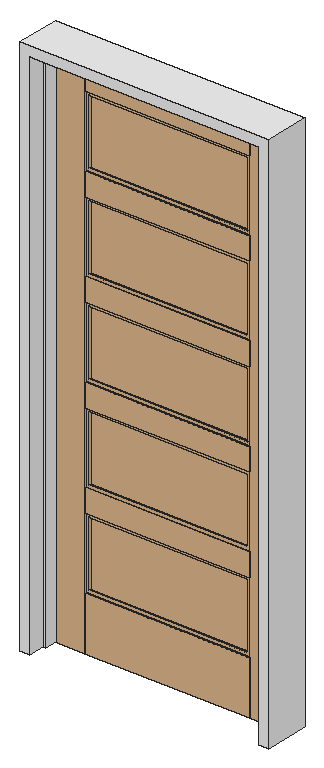
Revit family
Parameters (values of type "1 3/4" Flat Panel")
  URL = "http://www.karonadoor.com"
  Thickness Note = "Do not edit thickness."  # constant formula
  Thickness = 1.774"
  Swing Angle 2D = 90.00°
  SmartBIM Object Version = 1  # constant formula
  SmartBIM Object Created By = "Reed Construction Data"  # constant formula
  Rough Width = 0.000"
  Rough Height = 1.750"
  Panel = Panel_K3050_Karona : 1 3/4" - Flat Panel
  Model = "K3050 Mission"  # constant formula
  Manufacturer = "Karona , Inc."  # constant formula
  Detail Door Thickness = 1.750"
  Assembly Code = ""
  Top Rail Height = 5.000"
  Top Rail = Wood, Cherry - Grain Horizontal
  Stile Width = 5.063"
  Stile = Wood, Cherry - Grain Vertical
  Sticking = Wood, Cherry - Grain Vertical
  Middle Rail = Wood, Cherry - Grain Horizontal
  Height = 84.000"
  Wall Closure = (empty or 0)
  Width = 36.000"
  Frame = Metal
  Bottom Rail Height = 8.500"
  Bottom Rail = Wood, Cherry - Grain Horizontal
  95 CSI = "08210"  # constant formula
  04 CSI = "08 14 33"  # constant formula
Types (9): name | Thickness | Rough Height | Panel | Detail Door Thickness
  1 3/4" Flat Panel | 1.774" | 1.750" | Panel_K3050_Karona : 1 3/4" - Flat Panel | 1.750"
  1 3/8" Flat Panel | 1.334" | 0.000" | Panel_K3050_Karona : 1 3/8" - Flat Panel | 1.375"
  2 1/4" Flat Panel | 2.250" | 0.000" | Panel_K3050_Karona : 2 1/4" - Flat Panel | 2.250"
  1 3/4" Glass Panel | 1.774" | 1.750" | Panel_K3050_Karona : 1 3/4" - Glass Panel | 1.750"
  1 3/8" Glass Panel | 1.334" | 0.000" | Panel_K3050_Karona : 1 3/8" - Glass Panel | 1.375"
  2 1/4" Glass Panel | 2.250" | 0.000" | Panel_K3050_Karona : 2 1/4" - Glass | 2.250"
  1 3/4" Raised Panel | 1.774" | 1.750" | Panel_K3050_Karona : 1 3/4" - Raised Panel | 1.750"
  1 3/8" Raised Panel | 1.334" | 0.000" | Panel_K3050_Karona : 1 3/8" - Raised Panel | 1.375"
  2 1/4" Raised Panel | 2.250" | 0.000" | Panel_K3050_Karona : 2 1/4" - Raised Panel | 2.250"
Reference planes (in)
  plane 1 "Center (Front/Back)": y = 0
  plane 2 "Center (Left/Right)": x = 0
  plane 3 "Left": x = -18
  plane 4 "Right": x = 18
  plane 5 "Top": z = 84
  plane 6 "Exterior Edge of Frame": y = 3.5
  plane 7 "Interior Edge of Frame": y = -3.5
  plane 8: y = 1
  plane 9: y = -1
  plane 10 "Opening Left": x = -19.5
  plane 11 "Opening Right": x = 19.5
  plane 12 "Top of Opening": z = 85.5
  plane 13: x = -17.5
Forms (in)
  Sweep 1, solid, material "Metal" <- "Frame"
    path origin (0, 0, 0) x (1, 0, 0) y (0, 0, 1)
      loop
        line (-19.5, 0) -> (-19.5, 85.5) -> (19.5, 85.5) -> (19.5, 0)
    profile origin (-19.5, 0, 42.75) x (-1, 0, 0) y (0, -1, 0)
      loop
        line (0, -3.5) -> (0, 3.5) -> (-1.5, 3.5) -> (-1.5, 1) -> (-2, 1) -> (-2, -1) -> (-1.5, -1) -> (-1.5, -3.5) -> (0, -3.5)
Lines and regions (in)
  Opening 1
    outline origin (-90, -3, 0) x (1, 0, 0) y (0, 0, 1)
      loop
        line (70.5, 0) -> (109.5, 0) -> (109.5, 85.5) -> (70.5, 85.5) -> (70.5, 0)
  symbolic lines, style "Elevation Swing"
    curve 1: line (18, 3, 0) -> (-18, 3, 42)
    curve 2: line (-18, 3, 42) -> (18, 3, 84)
Text (in)
  text "Exterior" at (-46.13199, 20.20143, 0), in view "Ref. Level"
  text "Interior" at (-46.13199, -10.56751, 0), in view "Ref. Level"
  text "Exterior" at (0, 40.15149, 123.01588), in view "Right"
  text "Interior" at (0, -64.39139, 123.01588), in view "Right"
  text "Interior" at (0, -31.01599, 123.00693), in view "Left"
  text "Exterior" at (0, 54.57065, 123.00693), in view "Left"
Dimensions and locks (in)
  "Height": level to plane 5 "Top"
  "Width": plane 3 "Left" to plane 4 "Right"
  equal spacing: host wall, curve 2, plane 5 "Top"
  locked: host wall to plane 7 "Interior Edge of Frame" at 0.5
  locked: plane 6 "Exterior Edge of Frame" to host wall at 0.5
  locked: plane 9 to plane 7 "Interior Edge of Frame" at 2.5
  locked: plane 6 "Exterior Edge of Frame" to plane 8 at 2.5
  equal spacing: plane 3 "Left", plane 2 "Center (Left/Right)", plane 4 "Right"
  locked: plane 4 "Right" to plane 11 "Opening Right" at 1.5
  locked: plane 5 "Top" to plane 12 "Top of Opening" at 1.5
  locked: plane 3 "Left" to plane 13 at 0.5
  locked: plane 10 "Opening Left" to plane 3 "Left" at 1.5
  aligned and locked: Opening 1 sketch curve to level
  aligned and locked: plane 4 "Right" to curve 1
  aligned and locked: plane 3 "Left" to curve 1
  aligned and locked: plane 5 "Top" to curve 2
  aligned and locked: Opening 1 sketch curve to plane 11 "Opening Right"
  aligned and locked: plane 12 "Top of Opening" to Opening 1 sketch curve
  aligned and locked: Opening 1 sketch curve to plane 10 "Opening Left"
  aligned and locked: plane 10 "Opening Left" to Sweep 1 sketch curve
  aligned and locked: plane 12 "Top of Opening" to Sweep 1 sketch curve
  aligned and locked: plane 11 "Opening Right" to Sweep 1 sketch curve
  aligned and locked: level to Sweep 1 sketch curve  (x2)
  aligned and locked: Sweep 1 sketch curve to plane 10 "Opening Left"
  aligned and locked: Sweep 1 sketch curve to plane 6 "Exterior Edge of Frame"
  aligned and locked: Sweep 1 sketch curve to plane 7 "Interior Edge of Frame"
  aligned and locked: Sweep 1 sketch curve to plane 8
  aligned and locked: Sweep 1 sketch curve to plane 9
  aligned and locked: plane 13 to Sweep 1 sketch curve
  aligned and locked: plane 3 "Left" to Sweep 1 sketch curve  (x2)
  aligned and locked: nested 1 to plane 2 "Center (Left/Right)"
  aligned and locked: nested 1 to plane 8
  aligned and locked: nested 2 to plane 3 "Left"
  aligned and locked: nested 2 to plane 8
Automatic sketch dimensions
  curve 1 to level = 0.000"
  curve 2 to plane 4 "Right" = 0.000"
Nested families (in)
  nested 1: "Panel_K3050_Karona" at (-13.5, 0.6591, 0) x (-1, 0, 0) z (0, 0, 1), type <- "Panel", type "1 3/4" - Flat Panel"
    with Stile Width 5.063", Panel Width 25.874", Half Panel Width 12.937"
  nested 2: "Door Panel Plan View" at (-31.5, 1, 0) x (-1, 0, 0) z (0, 0, 1), type "Door Panel Plan View"
    with Thickness 1.750", Height 84.000"
Definition of nested family "Panel_K3050_Karona"
  Parameters (values of type "1 3/4" - Raised Panel")
    Width = 36.000"
    Top Rail Material = Wood, Cherry - Grain Horizontal
    Top Rail Height = 5.000"
    Top Panel Offset = Top Rail Height + Half Panel Height  # 10.600"
    Thickness Note = "Do not change door thickness"  # constant formula
    Thickness = 1.774"
    Stile Width = 5.250"
    Stile Material = Wood, Cherry - Grain Vertical
    Sticking Material = Wood, Cherry - Grain Vertical
    Panel Width = (Width - (2 * Stile Width))  # 25.500"
    Panel Height = (Height - (Bottom Rail Height + Top Rail Height) - (4 * Mullion Width)) / 5  # 11.200"
    Panel = Glass-Sticking-Assembly-Mission_Karona : Raised Panel
    Mullion Width = 3.625"  # constant formula
    Interior Panel = Wood, Cherry - Grain Vertical
    Height = 84.000"
    Half Panel Width = 0.5 * Panel Width  # 12.750"
    Half Panel Height = 0.5 * Panel Height  # 5.600"
    Exterior Edge - Glass Bottom Offset = if(Thickness = 1.774", 0.567", if(Thickness = 2.250", 0.803", 0.469"))  # 0.567"
    Door Panel Material = Wood, Cherry - Grain Vertical
    Default Elevation = 0.000"  # constant formula
    Cross Rail and Panel Spacing Start = Half Panel Height + 0.5 * (3.625")  # 7.4125"
    Cross Rail Panel Height = Panel Height + 3.625"  # 14.825"
    Bottom Rail Material = Wood, Cherry - Grain Horizontal
    Bottom Rail Height = 8.500"
    Assembly Code = ""
  Types (9): name | Thickness | Panel | Interior Panel | Exterior Edge - Glass Bottom Offset
    2 1/4" - Flat Panel | 2.250" | Glass-Sticking-Assembly-Mission_Karona : Flat Panel | Wood, Cherry - Grain Vertical | 0.803"
    2 1/4" - Glass | 2.250" | Glass-Sticking-Assembly-Mission_Karona : Glass Panel | Glass | 0.803"
    2 1/4" - Raised Panel | 2.250" | Glass-Sticking-Assembly-Mission_Karona : Raised Panel | Wood, Cherry - Grain Vertical | 0.803"
    1 3/4" - Raised Panel | 1.774" | Glass-Sticking-Assembly-Mission_Karona : Raised Panel | Wood, Cherry - Grain Vertical | 0.567"
    1 3/4" - Flat Panel | 1.774" | Glass-Sticking-Assembly-Mission_Karona : Flat Panel | Wood, Cherry - Grain Vertical | 0.567"
    1 3/4" - Glass Panel | 1.774" | Glass-Sticking-Assembly-Mission_Karona : Glass Panel | Glass | 0.567"
    1 3/8" - Raised Panel | 1.334" | Glass-Sticking-Assembly-Mission_Karona : Raised Panel | Wood, Cherry - Grain Vertical | 0.469"
    1 3/8" - Glass Panel | 1.334" | Glass-Sticking-Assembly-Mission_Karona : Glass Panel | Glass | 0.469"
    1 3/8" - Flat Panel | 1.334" | Glass-Sticking-Assembly-Mission_Karona : Flat Panel | Wood, Cherry - Grain Horizontal | 0.469"
  Reference planes (in)
    plane 1 "Center (Front/Back)": y = 1.2279
    plane 2: z = -0.025
    plane 3 "Center (Left/Right)": x = -13.5
    plane 4 "Left": x = -31.5
    plane 5: x = 4.5
    plane 6 "Inner Left": x = -26.25
    plane 7 "Inner Right": x = -0.75
    plane 8: z = 8.475
    plane 9 "Bottom Of Top Rail": z = 78.975
    plane 10 "Top": z = 83.975
    plane 11 "Interior Edge of Door": y = 2.1149
    plane 12: z = 78.975
    plane 13 "Exterior Edge of Door": y = 0.3409
    plane 14 "Bottom of Glass": y = 0.9095
    plane 15 "Left Panel Vertical Midline": x = -13.5
    plane 16 "Right Panel Vertical Midline": x = -13.5
    plane 17 "Center of Left Vertical Mullion": x = -13.5
    plane 18 "Center of Right Vertical Mullion": x = -13.5
    plane 19 "Horizontal Midline Panel 2": z = 64.15
    plane 20 "Horizontal Midline Panel 3": z = 38.125
    plane 21 "Horizontal Midline Panel 4": z = 34.5
    plane 22 "Horizontal Midline Panel 5": z = 21.4875
    plane 23 "Cross Rail 3": z = 49.325
    plane 24 "Cross Rail 4": z = 23.3
    plane 25 "Cross Rail Bottom": z = 19.675
    plane 26 "Horizontal Midline Panel 6": z = 14.075
    plane 27: z = 73.375
    plane 28 "Cross Rail 2": z = 64.15
    plane 29 "Cross Rail Top": z = 67.775
    plane 30: z = 52.95
    plane 31: z = 28.9
    plane 32: z = 65.9625
    plane 33: z = 51.1375
    plane 34: z = 36.3125
    plane 35: z = 58.55
    plane 36: z = 43.725
  Forms (in)
    Extrusion 1, solid, material "Wood, Cherry - Grain Horizontal" <- "Bottom Rail Material"
      sketch origin (0, -101.3125, 0) x (1, 0, 0) y (0, 0, 1)
        loop
          line (-26.25, -0.025) -> (-0.75, -0.025) -> (-0.75, 8.475) -> (-26.25, 8.475) -> (-26.25, -0.025)
      from -101.6534 to -103.4274
    Extrusion 2, solid, material "Wood, Cherry - Grain Vertical" <- "Stile Material"
      sketch origin (0, 1.2279, 0) x (1, 0, 0) y (0, 0, 1)
        loop
          line (-31.5, 83.975) -> (-31.5, -0.025) -> (-26.25, -0.025) -> (-26.25, 83.975) -> (-31.5, 83.975)
        loop
          line (-0.75, -0.025) -> (4.5, -0.025) -> (4.5, 83.975) -> (-0.75, 83.975) -> (-0.75, -0.025)
      from 0.887 to -0.887
    Extrusion 3, solid, material "Wood, Cherry - Grain Horizontal" <- "Top Rail Material"
      sketch origin (0, 1.2279, 0) x (1, 0, 0) y (0, 0, 1)
        loop
          line (-26.25, 83.975) -> (-26.25, 78.975) -> (-0.75, 78.975) -> (-0.75, 83.975) -> (-26.25, 83.975)
      from 0.887 to -0.887
    Extrusion 4, solid, material "Wood, Cherry - Grain Horizontal" <- "Top Rail Material"
      sketch origin (-1.188, 1.9165, 78.537) x (0, 0, -1) y (0, -1, 0)
        loop
          line (10.762, -0.1984) -> (14.387, -0.1984) -> (14.387, 1.5756) -> (10.762, 1.5756) -> (10.762, -0.1984)
        loop
          line (58.862, 1.5756) -> (55.237, 1.5756) -> (55.237, -0.1984) -> (58.862, -0.1984) -> (58.862, 1.5756)
        loop
          line (40.412, -0.1984) -> (44.037, -0.1984) -> (44.037, 1.5756) -> (40.412, 1.5756) -> (40.412, -0.1984)
        loop
          line (25.587, -0.1984) -> (29.212, -0.1984) -> (29.212, 1.5756) -> (25.587, 1.5756) -> (25.587, -0.1984)
      from -0.438 to 25.062
  Text (in)
    text "EXTERIOR" at (-34.59289, -1.27941, 0), in view "Ref. Level"
    text "EXTERIOR" at (0, -9.65287, 72.76687), in view "Left"
    text "EXTERIOR" at (0, -33.33473, 96.68074), in view "Right"
  Dimensions and locks (in)
    equal spacing: plane 4 "Left", plane 3 "Center (Left/Right)", plane 5
    "Width": plane 4 "Left" to plane 5
    "Stile Width": plane 4 "Left" to plane 6 "Inner Left"
    "Stile Width": plane 5 to plane 7 "Inner Right"
    "Bottom Rail Height": plane 8 to plane 2
    "Top Rail Height": plane 10 "Top" to plane 9 "Bottom Of Top Rail"
    "Height": plane 10 "Top" to plane 2
    equal spacing: plane 11 "Interior Edge of Door", plane 1 "Center (Front/Back)", plane 13 "Exterior Edge of Door"
    "Thickness": plane 11 "Interior Edge of Door" to plane 13 "Exterior Edge of Door"
    plane 14 "Bottom of Glass" to plane 13 "Exterior Edge of Door" = 0.5686"
    plane 13 "Exterior Edge of Door" to plane 14 "Bottom of Glass" = 0.5686"
    "Half Panel Width": plane 15 "Left Panel Vertical Midline" to plane 6 "Inner Left"
    "Half Panel Width": plane 7 "Inner Right" to plane 16 "Right Panel Vertical Midline"
    equal spacing: plane 3 "Center (Left/Right)", plane 17 "Center of Left Vertical Mullion", plane 15 "Left Panel Vertical Midline"
    equal spacing: plane 16 "Right Panel Vertical Midline", plane 18 "Center of Right Vertical Mullion", plane 3 "Center (Left/Right)"
    "Half Panel Height": plane 26 "Horizontal Midline Panel 6" to plane 8
    "Half Panel Height": plane 31 to plane 24 "Cross Rail 4"
    "Half Panel Height": plane 27 to plane 29 "Cross Rail Top"
    "Thickness": Extrusion 4 sketch curve to Extrusion 4 sketch curve  (x4)
    "Mullion Width": Extrusion 4 sketch curve to Extrusion 4 sketch curve  (x4)
    "Panel Width": Extrusion 4 to Extrusion 4
    "Half Panel Height": plane 36 to plane 20 "Horizontal Midline Panel 3"
    "Half Panel Height": plane 35 to plane 30
    equal spacing: plane 27, plane 35, plane 36, plane 31, plane 26 "Horizontal Midline Panel 6"
    "Mullion Width": plane 24 "Cross Rail 4" to plane 25 "Cross Rail Bottom"
    "Mullion Width": plane 29 "Cross Rail Top" to plane 28 "Cross Rail 2"
    "Bottom Rail Height": Extrusion 1 sketch curve to Extrusion 1 sketch curve
    equal spacing: plane 32, plane 33, plane 34, plane 22 "Horizontal Midline Panel 5"
    equal spacing: plane 24 "Cross Rail 4", plane 22 "Horizontal Midline Panel 5", plane 25 "Cross Rail Bottom"
    equal spacing: plane 29 "Cross Rail Top", plane 32, plane 28 "Cross Rail 2"
    equal spacing: plane 12, plane 27, plane 29 "Cross Rail Top"
    equal spacing: plane 19 "Horizontal Midline Panel 2", plane 35, plane 30
    equal spacing: plane 21 "Horizontal Midline Panel 4", plane 31, plane 24 "Cross Rail 4"
    equal spacing: plane 23 "Cross Rail 3", plane 36, plane 20 "Horizontal Midline Panel 3"
    aligned and locked: Extrusion 1 to plane 2
    aligned and locked: plane 4 "Left" to Extrusion 2 sketch curve
    aligned and locked: Extrusion 2 sketch curve to plane 10 "Top"
    aligned and locked: Extrusion 2 sketch curve to Extrusion 1  (x3)
    aligned and locked: Extrusion 1 to Extrusion 2 sketch curve
    aligned and locked: plane 10 "Top" to Extrusion 2 sketch curve
    aligned and locked: plane 5 to Extrusion 2 sketch curve
    aligned and locked: Extrusion 2 to Extrusion 3 sketch curve
    aligned and locked: Extrusion 3 sketch curve to Extrusion 2
    aligned and locked: plane 12 to plane 9 "Bottom Of Top Rail"
    aligned and locked: Extrusion 3 to plane 12  (x2)
    aligned and locked: Extrusion 1 to Extrusion 2
    aligned and locked: nested 1 to plane 16 "Right Panel Vertical Midline"
    aligned and locked: plane 16 "Right Panel Vertical Midline" to nested 4
    aligned and locked: plane 16 "Right Panel Vertical Midline" to nested 3
    aligned and locked: plane 16 "Right Panel Vertical Midline" to nested 2
    aligned and locked: plane 8 to Extrusion 1  (x2)
    aligned and locked: nested 3 to plane 20 "Horizontal Midline Panel 3"
    aligned and locked: nested 1 to plane 8
    aligned and locked: nested 1 to plane 1 "Center (Front/Back)"
    aligned and locked: nested 2 to plane 1 "Center (Front/Back)"
    aligned and locked: nested 3 to plane 1 "Center (Front/Back)"
    aligned and locked: plane 11 "Interior Edge of Door" to Extrusion 3
    aligned and locked: Extrusion 3 to plane 13 "Exterior Edge of Door"
    aligned and locked: Extrusion 2 to plane 13 "Exterior Edge of Door"
    aligned and locked: plane 11 "Interior Edge of Door" to Extrusion 2
    aligned and locked: plane 29 "Cross Rail Top" to Extrusion 4 sketch curve
    aligned and locked: Extrusion 4 sketch curve to plane 13 "Exterior Edge of Door"
    aligned and locked: Extrusion 4 sketch curve to plane 21 "Horizontal Midline Panel 4"
    aligned and locked: Extrusion 4 to plane 6 "Inner Left"
    aligned and locked: plane 7 "Inner Right" to Extrusion 4
    aligned and locked: plane 28 "Cross Rail 2" to Extrusion 4
    aligned and locked: Extrusion 1 to plane 13 "Exterior Edge of Door"
    aligned and locked: plane 11 "Interior Edge of Door" to Extrusion 1
    aligned and locked: plane 30 to Extrusion 4
    aligned and locked: plane 18 "Center of Right Vertical Mullion" to nested 5
    aligned and locked: Extrusion 4 sketch curve to plane 25 "Cross Rail Bottom"
    aligned and locked: plane 24 "Cross Rail 4" to Extrusion 4
    aligned and locked: plane 30 to nested 5
    aligned and locked: plane 24 "Cross Rail 4" to nested 2
    aligned and locked: plane 27 to nested 4
    aligned and locked: plane 11 "Interior Edge of Door" to Extrusion 4 sketch curve  (x3)
  Automatic sketch dimensions
    Extrusion 1 sketch curve to plane 6 "Inner Left" = 0.000"
    Extrusion 1 sketch curve to plane 7 "Inner Right" = 0.000"
    Extrusion 1 sketch curve to plane 8 = 0.000"
    Extrusion 3 sketch curve to plane 7 "Inner Right" = 0.000"
    Extrusion 3 sketch curve to plane 9 "Bottom Of Top Rail" = 0.000"
    Extrusion 4 sketch curve to Extrusion 4 sketch curve = 11.200"
  Nested families (in)
    nested 1: "Glass-Sticking-Assembly-Mission_Karona" at (-13.96875, 1.3784, 8.475), Width <- "Panel Width", Height <- "Panel Height", type <- "Panel", type "Raised Panel"
      with Width 25.500", Height 11.200", Door Thickness 1.774", C 0.200", B 0.567", A 0.197"
    nested 2: "Glass-Sticking-Assembly-Mission_Karona" at (-13.96875, 1.3784, 23.3), Width <- "Panel Width", Height <- "Panel Height", type <- "Panel", type "Raised Panel"
      with Width 25.500", Height 11.200", Door Thickness 1.774", C 0.200", B 0.567", A 0.197"
    nested 3: "Glass-Sticking-Assembly-Mission_Karona" at (-13.96875, 1.3784, 38.125), Width <- "Panel Width", Height <- "Panel Height", type <- "Panel", type "Raised Panel"
      with Width 25.500", Height 11.200", Door Thickness 1.774", C 0.200", B 0.567", A 0.197"
    nested 4: "Glass-Sticking-Assembly-Mission_Karona" at (-13.96875, 1.38, 67.775), Width <- "Panel Width", Height <- "Panel Height", type <- "Panel", type "Raised Panel"
      with Width 25.500", Height 11.200", Door Thickness 1.774", C 0.200", B 0.567", A 0.197"
    nested 5: "Glass-Sticking-Assembly-Mission_Karona" at (-13.96875, 1.38, 52.95), Width <- "Panel Width", Height <- "Panel Height", type <- "Panel", type "Raised Panel"
      with Width 25.500", Height 11.200", Door Thickness 1.774", C 0.200", B 0.567", A 0.197"
  Definition of nested family "Glass-Sticking-Assembly-Mission_Karona"
    Parameters (values of type "Glass Panel")
      Width [instance] = 19.000"
      Stop Adjustment = if(and(not(Glass Panel), Door Thickness = 1.774"), 0.513", if(and(not(Glass Panel), Door Thickness = 2.250"), 0.513", if((Glass Panel), 0.125", 0.273")))  # 0.125"
      Profile = Wood, Cherry - Grain Vertical
      Height [instance] = 23.000"
      Raised Panel = no
      Interior Panel = Wood, Cherry - Grain Vertical
      Glass Panel = yes
      Door Thickness = 2.250"
      C = if(Door Thickness = 1.774", 0.200", if(Door Thickness = 2.250", 0.439", 0.191"))  # 0.439"
      B = if(Door Thickness = 1.774", 0.567", if(Door Thickness = 2.250", 0.803", 0.469"))  # 0.803"
      Assembly Code = ""
      A = if(Door Thickness = 1.774", 0.197", if(Door Thickness = 2.250", 0.433", 0.194"))  # 0.433"
    Types (3): name | Width | Stop Adjustment | Height | Raised Panel | Glass Panel | Door Thickness | C | B | A
      Glass Panel | 19.000" | 0.125" | 23.000" | no | yes | 2.250" | 0.439" | 0.803" | 0.433"
      Flat Panel | 4.500" | 0.273" | 23.000" | no | no | 1.334" | 0.191" | 0.469" | 0.194"
      Raised Panel | 4.000" | 0.513" | 4.000" | yes | no | 2.250" | 0.439" | 0.803" | 0.433"
    Reference planes (in)
      plane 1 "Stop Adjustment Edge": y = -0.3455
      plane 2: z = 0
      plane 3 "Center (Left/Right)": x = 0.46875
      plane 4 "Back": y = 0.9765
      plane 5 "Front": y = -1.2735
      plane 6 "Left": x = -9.03125
      plane 7 "Right": x = 9.96875
      plane 8 "Top": z = 23
      plane 9 "Center (Up/Down)": z = 11.5
      plane 10 "Bottom of Stop": y = -0.2205
      plane 11 "Bottom of Glass": y = -0.4705
      plane 12 "Right Edge of Glass": x = 9.91875
      plane 13 "Left Edge of Glass": x = -8.98125
      plane 14 "Top Edge of Glass": z = 22.90625
      plane 15 "Bottom Edge of Glass": z = 0.09375
      plane 16: x = 9.84375
      plane 17: x = 9.40625
      plane 18 "A": y = -0.8405
      plane 19 "C": y = 0.5375
      plane 20: z = 0.438
      plane 21: z = 22.562
      plane 22: x = -8.59325
      plane 23: x = 9.53075
      plane 24 "Center (Front/Back)": y = -0.1485
    Forms (in)
      Sweep 1, solid, material "Wood, Cherry - Grain Vertical" <- "Profile"
        path origin (0, -0.3455, 0) x (1, 0, 0) y (0, 0, 1)
          loop
            line (9.96875, 23) -> (-9.03125, 23) -> (-9.03125, 0) -> (9.96875, 0) -> (9.96875, 23)
        profile origin (9.96875, -0.3455, 11.5) x (0, -1, 0) y (1, 0, 0)
          loop
            line (-0.883, 0) -> (-0.883, -0.438) -> (-0.125, -0.438) -> (-0.125, -0.05) -> (0.125, -0.05) -> (0.125, -0.438) -> (0.495, -0.438) -> (0.495, 0) -> (-0.883, 0)
      Extrusion 2, solid, material "Wood, Cherry - Grain Vertical" <- "Interior Panel"
        sketch origin (0, 0, 0) x (1, 0, 0) y (0, 1, 0)
          loop
            line (-8.98125, -0.2205) -> (-8.98125, -0.4705) -> (9.91875, -0.4705) -> (9.91875, -0.2205) -> (-8.98125, -0.2205)
        from 0.09375 to 22.90625
      Extrusion 3, solid, material "Wood, Cherry - Grain Vertical" <- "Profile", visible <- "Raised Panel"
        sketch origin (0, 0, 0) x (1, 0, 0) y (0, 1, 0)
          loop
            line (9.53075, 0.5375) -> (-8.59325, 0.5375) -> (-8.59325, -0.2205) -> (9.53075, -0.2205) -> (9.53075, 0.5375)
          loop
            line (-8.59325, -0.4705) -> (-8.59325, -0.8405) -> (9.53075, -0.8405) -> (9.53075, -0.4705) -> (-8.59325, -0.4705)
        from 0.438 to 22.562
      Sweep 4, void
        path origin (0, -0.2205, 0) x (-1, 0, 0) y (0, 0, 1)
          loop
            line (9.03125, 0) -> (9.03125, 23) -> (-9.96875, 23) -> (-9.96875, 0) -> (9.03125, 0)
        profile "Profile : 05" origin (-9.03125, -0.2205, 11.5) x (1, 0, 0) y (0, 1, 0)
          loop
            line (0, 0.05) -> (0.36169, 0.05096)
            arc (0.36169, 0.05096) -> (1.01257, 0.13642) -> (1.61934, 0.387) r 2.52143
            line (1.61934, 0.387) -> (0, 0.387) -> (0, 0.05)
      Sweep 5, void
        path origin (0, -0.4705, 0) x (-1, 0, 0) y (0, 0, 1)
          loop
            line (-9.96875, 23) -> (-9.96875, 0) -> (9.03125, 0) -> (9.03125, 23) -> (-9.96875, 23)
        profile "Profile : 05" origin (9.96875, -0.4705, 11.5) x (-1, 0, 0) y (0, 1, 0)
          loop
            line (0, -0.05) -> (0, -0.387) -> (1.61934, -0.387)
            arc (1.61934, -0.387) -> (1.01257, -0.13642) -> (0.36169, -0.05096) r 2.52143
            line (0.36169, -0.05096) -> (0, -0.05)
    Cuts and joins
      Sweep 4, Sweep 5 cuts Extrusion 3
    Text (in)
      text "INTERIOR" at (-14.3788, 3.49864, 0), in view "Ref. Level"
    Dimensions and locks (in)
      equal spacing: plane 6 "Left", plane 3 "Center (Left/Right)", plane 7 "Right"
      "Width": plane 6 "Left" to plane 7 "Right"
      "Door Thickness": plane 4 "Back" to plane 5 "Front"
      "Height": plane 8 "Top" to plane 2
      equal spacing: plane 8 "Top", plane 9 "Center (Up/Down)", level
      locked: plane 1 "Stop Adjustment Edge" to plane 11 "Bottom of Glass" at 0.125
      "Stop Adjustment": plane 10 "Bottom of Stop" to plane 1 "Stop Adjustment Edge"
      locked: plane 12 "Right Edge of Glass" to plane 7 "Right" at 0.05
      locked: plane 8 "Top" to plane 14 "Top Edge of Glass" at 0.09375
      locked: plane 15 "Bottom Edge of Glass" to level at 0.09375
      locked: plane 6 "Left" to plane 13 "Left Edge of Glass" at 0.05
      "B": plane 5 "Front" to plane 11 "Bottom of Glass"
      locked: plane 16 to plane 7 "Right" at 0.125
      "A": plane 5 "Front" to plane 18 "A"
      "C": plane 19 "C" to plane 4 "Back"
      plane 4 "Back" to Sweep 1 = 1.197"
      locked: plane 20 to level at 0.438
      locked: plane 8 "Top" to plane 21 at 0.438
      locked: plane 6 "Left" to plane 22 at 0.438
      locked: plane 23 to plane 7 "Right" at 0.438
      equal spacing: plane 4 "Back", plane 24 "Center (Front/Back)", plane 5 "Front"
      aligned and locked: Sweep 1 sketch curve to plane 7 "Right"
      aligned and locked: Sweep 1 sketch curve to plane 8 "Top"
      aligned and locked: Sweep 1 sketch curve to plane 6 "Left"
      aligned and locked: Sweep 1 sketch curve to level
      aligned and locked: plane 7 "Right" to Sweep 1 sketch curve
      aligned and locked: plane 10 "Bottom of Stop" to Sweep 1 sketch curve
      aligned and locked: plane 11 "Bottom of Glass" to Sweep 1 sketch curve
      aligned and locked: plane 18 "A" to Sweep 1 sketch curve
      aligned and locked: Sweep 1 sketch curve to plane 19 "C"
      aligned and locked: Extrusion 2 sketch curve to plane 13 "Left Edge of Glass"
      aligned and locked: Extrusion 2 sketch curve to plane 10 "Bottom of Stop"
      aligned and locked: Extrusion 2 sketch curve to plane 11 "Bottom of Glass"
      aligned and locked: Extrusion 2 sketch curve to plane 12 "Right Edge of Glass"
      aligned and locked: plane 14 "Top Edge of Glass" to Extrusion 2
      aligned and locked: Extrusion 2 to plane 15 "Bottom Edge of Glass"
      aligned and locked: Extrusion 3 sketch curve to plane 19 "C"
      aligned and locked: Extrusion 3 sketch curve to plane 10 "Bottom of Stop"
      aligned and locked: Extrusion 3 sketch curve to plane 11 "Bottom of Glass"
      aligned and locked: Extrusion 3 sketch curve to plane 18 "A"
      aligned and locked: Extrusion 3 to plane 20
      aligned and locked: Extrusion 3 to plane 21
      aligned and locked: plane 12 "Right Edge of Glass" to Sweep 1 sketch curve
      aligned and locked: plane 23 to Extrusion 3 sketch curve  (x2)
      aligned and locked: Extrusion 3 sketch curve to plane 22  (x2)
      aligned and locked: plane 23 to Sweep 1 sketch curve  (x2)
      aligned and locked: Sweep 5 sketch curve to plane 6 "Left"
      aligned and locked: plane 8 "Top" to Sweep 5 sketch curve
      aligned and locked: Sweep 5 sketch curve to plane 7 "Right"
      aligned and locked: level to Sweep 5 sketch curve
      aligned and locked: Sweep 4 sketch curve to plane 7 "Right"
      aligned and locked: plane 8 "Top" to Sweep 4 sketch curve
      aligned and locked: Sweep 4 sketch curve to plane 6 "Left"
      aligned and locked: level to Sweep 4 sketch curve
Definition of nested family "Door Panel Plan View"
  Parameters (values of type "Door Panel Plan View")
    Width = 36.000"
    Thickness = 2.000"
    Swing Angle 2D = 90.00°
    Height = 0.000"
    Assembly Code = ""
  Reference planes (in)
    plane 1 "Center (Front/Back)": y = 0
    plane 2: z = 0
    plane 3 "Center (Left/Right)": x = -13.5
  Lines and regions (in)
    symbolic lines, style "DoorsPanelProjection"
      curve 1: line (-13.5, 0, 0) -> (-13.5, 36, 0)
      curve 2: line (-15.5, 0, 0) -> (-15.5, 36, 0)
      curve 3: line (-13.5, 0, 0) -> (-15.5, 0, 0)
      curve 4: line (-13.5, 36, 0) -> (-15.5, 36, 0)
    symbolic lines, style "Plan Swing"
      curve 5: arc (-13.5, 36, 0) -> (-38.95584, 25.45584, 0) -> (-49.5, 0, 0) r 36
  Dimensions and locks (in)
    "Width": curve 4 to curve 3
    "Thickness": curve 1 to curve 2
    "Swing Angle 2D": angle curve 1 to plane 1 "Center (Front/Back)"
    aligned and locked: plane 1 "Center (Front/Back)" to curve 5
  Automatic sketch dimensions
    curve 3 to plane 1 "Center (Front/Back)" = 0.000"
    curve 5 to plane 3 "Center (Left/Right)" = 0.000"
    curve 3 to plane 3 "Center (Left/Right)" = 0.000"
